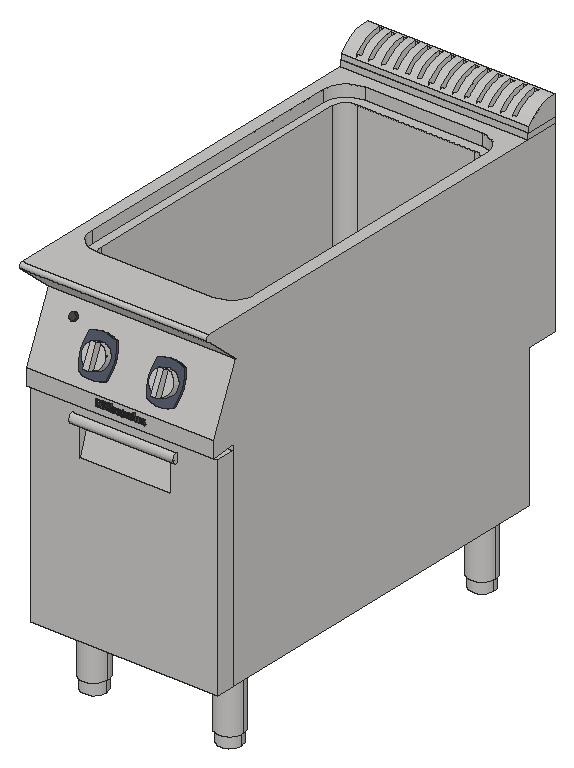
Revit family "QF_ELECTROLUXPROFESSIONAL_391624_E9OOCTBAMCI", category Attrezzature speciali, Revit 2018 (continued)
Automatic sketch dimensions
  Extrusion 20 sketch curve to plane 7 "Center Y" = 12.178 mm
  Extrusion 20 sketch curve to Extrusion 20 sketch curve = 34.925 mm  (x2)
  Extrusion 20 sketch curve to plane 18 = 13.606 mm
  Extrusion 20 sketch curve to Extrusion 20 sketch curve = 46.691 mm
  Extrusion 22 sketch curve to Extrusion 22 sketch curve = 24.732 mm
  Extrusion 22 sketch curve to Extrusion 22 sketch curve = 0 mm
  Split face 1 sketch curve to Split face 1 sketch curve = 9.684 mm
  Split face 1 sketch curve to Split face 1 sketch curve = 18.622 mm
  Split face 1 sketch curve to Split face 1 sketch curve = 2.959 mm
  Split face 1 sketch curve to Split face 1 sketch curve = 21.994 mm
  Split face 1 sketch curve to Split face 1 sketch curve = 5.035 mm
  Split face 1 sketch curve to Split face 1 sketch curve = 10.085 mm
  Split face 1 sketch curve to Split face 1 sketch curve = 5.244 mm
  Split face 2 sketch curve to Split face 2 sketch curve = 9.635 mm
  Split face 2 sketch curve to Split face 2 sketch curve = 17.821 mm
  Split face 2 sketch curve to Split face 2 sketch curve = 4.557 mm
  Split face 2 sketch curve to Split face 2 sketch curve = 14.42 mm
  Split face 2 sketch curve to Split face 2 sketch curve = 22.055 mm
  Split face 2 sketch curve to Split face 2 sketch curve = 3.318 mm
  Extrusion 23 sketch curve to plane 19 = 17.333 mm
  plane 20 to Extrusion 23 sketch curve = 27.074 mm
  Extrusion 23 sketch curve to Extrusion 23 sketch curve = 0 mm
  Extrusion 23 sketch curve to Extrusion 23 sketch curve = 12.3 mm  (x2)
  plane 20 to Extrusion 23 sketch curve = 1.96 mm
  Extrusion 23 sketch curve to Extrusion 23 sketch curve = 34.925 mm  (x2)
  plane 19 to Extrusion 23 sketch curve = 8.394 mm
  Extrusion 23 sketch curve to Extrusion 23 sketch curve = 46.691 mm
  Extrusion 23 sketch curve to plane 19 = 17.95 mm
  Extrusion 25 sketch curve to Extrusion 25 sketch curve = 24.732 mm
  Extrusion 25 sketch curve to Extrusion 25 sketch curve = 0 mm
  Split face 3 sketch curve to Split face 3 sketch curve = 9.684 mm
  Split face 3 sketch curve to Split face 3 sketch curve = 18.622 mm
  Split face 3 sketch curve to Split face 3 sketch curve = 2.959 mm
  Split face 3 sketch curve to Split face 3 sketch curve = 21.994 mm
  Split face 3 sketch curve to Split face 3 sketch curve = 5.035 mm
  Split face 3 sketch curve to Split face 3 sketch curve = 10.085 mm
  Split face 3 sketch curve to Split face 3 sketch curve = 5.244 mm
  Split face 4 sketch curve to Split face 4 sketch curve = 9.635 mm
  Split face 4 sketch curve to Split face 4 sketch curve = 17.821 mm
  Split face 4 sketch curve to Split face 4 sketch curve = 4.557 mm
  Split face 4 sketch curve to Split face 4 sketch curve = 14.42 mm
  Split face 4 sketch curve to Split face 4 sketch curve = 22.055 mm
  Split face 4 sketch curve to Split face 4 sketch curve = 3.318 mm
  Extrusion 26 sketch curve to plane 18 = 0 mm
  curve 68 to curve 93 = 0 mm
  curve 70 to curve 76 = 0 mm
  curve 72 to curve 78 = 0 mm  (x2)
  curve 74 to curve 80 = 0 mm  (x2)
  curve 76 to curve 91 = 0 mm  (x2)
  curve 82 to curve 93 = 0 mm  (x2)
  curve 84 to curve 88 = 0 mm  (x2)
  curve 85 to curve 89 = 0 mm
  plane 1 "BACK" to curve 10 = 0 mm
  curve 10 to plane 4 "RIGHT" = 0 mm
  curve 7 to plane 4 "RIGHT" = 0 mm
  plane 5 "FRONT" to curve 8 = 0 mm
  plane 13 to curve 79 = 0 mm
  curve 86 to plane 18 = 0 mm
  curve 9 to plane 3 "LEFT" = 0 mm
  plane 5 "FRONT" to curve 1 = 0 mm
  plane 5 "FRONT" to curve 3 = 0 mm
  curve 71 to plane 4 "RIGHT" = 25 mm
  plane 1 "BACK" to curve 63 = 6.761 mm
  plane 15 to curve 63 = 25.347 mm
  curve 63 to curve 64 = 9.296 mm
  plane 15 to curve 76 = 10 mm
  plane 15 to curve 62 = 0.859 mm
  curve 61 to plane 20 = 1.781 mm
  curve 90 to plane 20 = 0.218 mm
  plane 20 to curve 8 = 8.022 mm
  plane 20 to curve 70 = 9.782 mm
  plane 20 to curve 89 = 9.782 mm
  plane 20 to curve 79 = 9.782 mm
  plane 1 "BACK" to curve 58 = 6.761 mm
  plane 20 to curve 58 = 14.412 mm
  curve 57 to curve 56 = 9.296 mm
  curve 56 to curve 54 = 16.193 mm
  curve 53 to curve 52 = 9.296 mm
  plane 1 "BACK" to curve 50 = 6.761 mm
  curve 51 to curve 50 = 16.193 mm
  curve 47 to curve 48 = 9.296 mm
  curve 46 to plane 19 = 11.905 mm
  curve 44 to plane 19 = 2.61 mm
  plane 19 to curve 42 = 13.583 mm
  plane 7 "Center Y" to curve 39 = 8.121 mm
  curve 38 to plane 7 "Center Y" = 8.071 mm
  curve 37 to curve 36 = 9.296 mm
  plane 1 "BACK" to curve 34 = 6.761 mm
  curve 35 to curve 34 = 16.193 mm
  curve 33 to curve 32 = 9.296 mm
  plane 1 "BACK" to curve 30 = 6.761 mm
  curve 31 to curve 30 = 16.193 mm
  curve 29 to curve 28 = 9.296 mm
  curve 28 to curve 26 = 16.193 mm
  curve 25 to curve 24 = 9.296 mm
  curve 24 to curve 22 = 16.193 mm
  curve 19 to curve 20 = 9.296 mm
  curve 68 to plane 18 = 10 mm
  curve 79 to plane 18 = 10 mm
  curve 83 to plane 18 = 10 mm
  plane 18 to curve 15 = 1.513 mm
  plane 16 to curve 7 = 3.881 mm
  curve 15 to plane 16 = 0.809 mm
  plane 1 "BACK" to curve 14 = 6.761 mm
  curve 15 to curve 14 = 16.193 mm
  curve 13 to curve 12 = 9.296 mm
  curve 7 to curve 4 = 4.082 mm
  plane 1 "BACK" to curve 62 = 6.761 mm
  plane 1 "BACK" to curve 54 = 6.761 mm
  plane 1 "BACK" to curve 15 = 6.761 mm
  plane 1 "BACK" to curve 46 = 6.761 mm
  plane 1 "BACK" to curve 19 = 6.761 mm
  plane 1 "BACK" to curve 42 = 6.761 mm
  plane 1 "BACK" to curve 23 = 6.761 mm
  plane 1 "BACK" to curve 38 = 6.761 mm
  curve 27 to curve 30 = 57.15 mm
  curve 29 to curve 33 = 0 mm
  curve 33 to curve 36 = 0 mm
  curve 26 to curve 28 = 0 mm
  curve 37 to curve 40 = 0 mm
  curve 22 to curve 24 = 0 mm
  curve 41 to curve 44 = 0 mm
  curve 18 to curve 20 = 0 mm
  curve 45 to curve 48 = 0 mm
  curve 14 to curve 16 = 0 mm
  curve 49 to curve 52 = 0 mm
  curve 53 to curve 61 = 0 mm
  curve 61 to curve 64 = 0 mm
  curve 53 to curve 56 = 0 mm
  curve 12 to curve 9 = 7.979 mm
  curve 69 to plane 12 = 24.11 mm
  curve 86 to curve 68 = 0 mm
  curve 89 to plane 8 "Center X" = 141.643 mm
  curve 7 to curve 5 = 57 mm
  radius of Extrusion 17 sketch curve = 12.7 mm
  radius of Extrusion 18 sketch curve = 6.35 mm
  radius of Extrusion 19 sketch curve = 9.525 mm
  radius of Extrusion 21 sketch curve = 25.4 mm
  radius of Extrusion 22 sketch curve to Extrusion 21 = 0 mm  (x2)
  radius of Extrusion 24 sketch curve = 25.4 mm
  radius of Extrusion 25 sketch curve to Extrusion 24 = 0 mm  (x2)
  radius of Extrusion 26 sketch curve = 7.5 mm
Connectors
  piping at (232, -780, 176), diameter 25.4
    settings: on Extrusion 17, index 1, connector inside diameter 1", connector length 0 mm, flow factor 0, pipe flow 0 GPM, pressure drop 0.00 psi, fitting loss kfactor 0, connector angle 0.00°, fixture units 0, engagement length 0 mm, angle of deflection 0.00°, flow configuration 1, flow direction 2, fitting loss method 0, system type 16, joint type 0, gender type 0, connector reference index -1, connector utility 0, adjustable connector no, is connector primary yes, connector description "DRAIN"
  piping at (65, -703, 190), diameter 12.8
    settings: on Extrusion 18, index 2, connector inside diameter 0.50394", connector length 0 mm, flow factor 0, pipe flow 0 GPM, pressure drop 0.00 psi, fitting loss kfactor 0, connector angle 0.00°, fixture units 0, engagement length 0 mm, angle of deflection 0.00°, flow configuration 1, flow direction 1, fitting loss method 0, system type 7, joint type 0, gender type 0, connector reference index -1, connector utility 0, adjustable connector no, is connector primary no, connector description "GAS CONNECTION"
  piping at (335, -700, 200), diameter 19
    settings: on Extrusion 19, index 3, connector inside diameter 0.74803", connector length 0 mm, flow factor 0, pipe flow 0 GPM, pressure drop 0.00 psi, fitting loss kfactor 0, connector angle 0.00°, fixture units 0, engagement length 0 mm, angle of deflection 0.00°, flow configuration 1, flow direction 1, fitting loss method 0, system type 20, joint type 0, gender type 0, connector reference index -1, connector utility 0, adjustable connector no, is connector primary no, connector description "WATER INLET"
Types (2, lengths in mm): name | URL | Modello | Produttore | Gas Size | Direct Waste Size | Descrizione | Cold Water Size
  (no name) | "www.electrolux.com/foodservice" | "391111" | "ELECTROLUX" | 0" | 0" | "900XP GAS PASTA COOKER, 40LT WELL, 1 WELL" | 0"
  Standard | "https://www.electroluxprofessional.com/" | "E9OOCTBAMCI" | "Electrolux Professional" | 1/2" | 1" | "GAS PASTA COOKER 1X40 LT WELL - QMARK" | 3/4"
